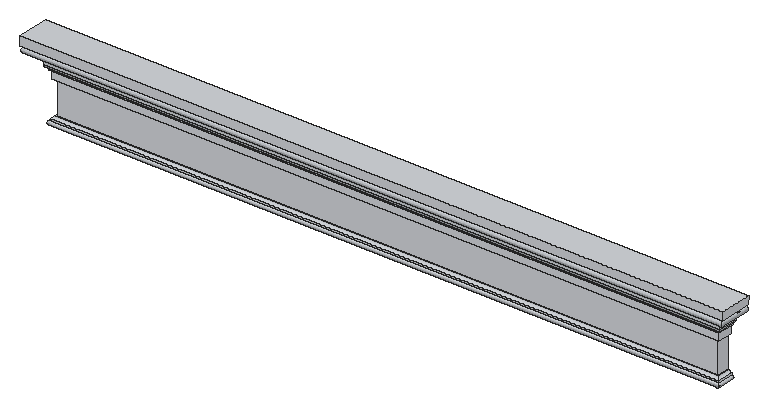
Revit family "OracDecor_D400", category Обобщенные модели, Revit 2019
Family settings
  Может служить основой для арматурных стержней = Нет
  Размер круглого соединителя = Использовать диаметр
  Тип детали = Нормальный
  На основе рабочей плоскости = Нет
  Всегда вертикально = Да
  При загрузке вырезать с полостями = Нет
  Общий = Нет
  Точка расчета площади = Нет
Parameters
  Изготовитель = "Family from POCHERTEAM"  # constant formula
  URL = "t.me/pocherteam"
Reference planes
  plane 1 "По центру (Вперед/Назад)": y = 0
  plane 2: z = 0
  plane 3 "По центру (Влево/Вправо)": x = 0
Forms (mm)
  Sweep 1, solid
    path origin (0, 300, 0) x (1, 0, 0) y (0, 1, 0)
      loop
        line (59, -299) -> (59, -300) -> (1216, -300) -> (1216, -299)
    profile origin (637.5, 0, 0) x (0, 1, 0) y (0, 0, 1)
      loop
        line (0, 0) -> (0, 12) -> (-9.461, 12) -> (-9.461, 90.761) -> (-40.437, 135) -> (0, 135) -> (0, 147) -> (-59, 147) -> (-59, 132) -> (-54.904, 129.132)
        arc (-54.904, 129.132) -> (-58.01, 123.16) -> (-53.047, 118.612) r 5.53
        arc (-53.047, 118.612) -> (-40.117, 111.99) -> (-35.466, 98.228) r 19.303
        arc (-35.466, 98.228) -> (-34.001, 94.693) -> (-30.466, 93.228) r 5
        line (-30.466, 93.228) -> (-30.466, 89.21) -> (-27.452, 89.21) -> (-27.452, 74.21) -> (-21.461, 74.21) -> (-21.461, 14.21) -> (-24.399, 14.21)
        arc (-24.399, 14.21) -> (-25.575, 11.369) -> (-28.416, 10.192) r 4.017
        line (-28.416, 10.192) -> (-28.416, 6.954)
        arc (-28.416, 6.954) -> (-31.893, 3.477) -> (-28.416, 0) r 3.477
        line (-28.416, 0) -> (0, 0)
  Extrusion 2, void
    sketch origin (0, 0, 0) x (1, 0, 0) y (0, 1, 0)
      loop
        line (0, 0) -> (1275, 0) -> (1275, 1) -> (0, 1) -> (0, 0)
    from 0 to 147
Cuts and joins
  Extrusion 2 cuts Sweep 1
Dimensions and locks
  plane 3 "По центру (Влево/Вправо)" to Sweep 1 = 1275 mm
  aligned and locked: level to plane 2
